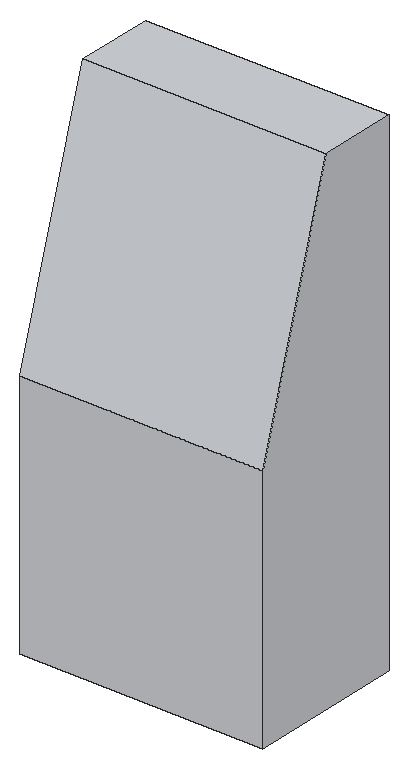
Revit family "01306-AB", category Instalační zařizovací předměty, Revit 2016
Family settings
  Typ součásti = Normální
  Kóta kulaté spojky = Použít průměr
  Číslo OmniClass = 23.45.05.00
  Nadpis OmniClass = Sanitary Equipment
  Založené na pracovní rovině = Ne
  Vždy vertikální = Ano
  Ořezat dutým tvarem při načtení = Ne
  Sdílené = Ne
  Bod výpočtu místnosti = Ne
Parameters
  WIDTH = 300 mm
  WEIGHT = 9.55 kg
  Výrobce = "Nofer"
  Utility frequency = 0
  Surface finish = "Atlantic blue"
  Připojení ventilace = no
  Připojení odpadu = no
  Připojení HW = no
  Připojení CW = no
  Power supply = 0 V
  Power input = 1760 W
  Noise level = 75
  MATERIAL = none
  IP code = "IPX1"
  HEIGHT = 617 mm
  Electric class = "II"
  DEPTH = 195 mm
  Article number = "01306.AB"
  Air speed = 340.00 kg/m²
Reference planes
  plane 1 "Střed (vpředu/vzadu)": y = 0
  plane 2: z = 0
  plane 3 "Střed (vlevo/vpravo)": x = 0
  plane 4: z = 0
  plane 5: z = 617
  plane 6: y = -195
  plane 7: x = 150
  plane 8: x = -150
  plane 9: z = 308.5
  plane 10: y = -97.5
Forms (mm)
  Extrusion 1, solid, material <- "MATERIAL", detail levels medium+fine
    sketch origin (0, 0, 0) x (0, 1, 0) y (0, 0, 1)
      loop
        line (0, 617) -> (-97.5, 617) -> (-195, 308.5) -> (-195, 0) -> (0, 0) -> (0, 617)
    from -150 to 150
  Extrusion 2, solid, material <- "MATERIAL", detail levels coarse
    sketch origin (0, 0, 0) x (0, 1, 0) y (0, 0, 1)
      loop
        line (0, 617) -> (-195, 617) -> (-195, 0) -> (0, 0) -> (0, 617)
    from -150 to 150
Dimensions and locks
  equal spacing: plane 8, plane 3 "Střed (vlevo/vpravo)", plane 7
  "WIDTH": plane 8 to plane 7
  "DEPTH": plane 6 to plane 1 "Střed (vpředu/vzadu)"
  equal spacing: plane 5, plane 9, plane 4
  equal spacing: plane 1 "Střed (vpředu/vzadu)", plane 10, plane 6
  "DEPTH": plane 1 "Střed (vpředu/vzadu)" to plane 6
  "HEIGHT": plane 5 to level
  aligned and locked: level to plane 2
  aligned and locked: plane 5 to Extrusion 1 sketch curve
  aligned and locked: Extrusion 1 sketch curve to plane 1 "Střed (vpředu/vzadu)"
  aligned and locked: Extrusion 1 sketch curve to plane 4
  aligned and locked: Extrusion 1 sketch curve to plane 6
  aligned and locked: plane 10 to Extrusion 1 sketch curve
  aligned and locked: plane 9 to Extrusion 1 sketch curve
  aligned and locked: Extrusion 1 to plane 8
  aligned and locked: plane 7 to Extrusion 1
  aligned and locked: Extrusion 2 to plane 8
  aligned and locked: plane 7 to Extrusion 2
  aligned and locked: Extrusion 2 to level
Automatic sketch dimensions
  Extrusion 2 sketch curve to plane 5 = 0 mm
  Extrusion 2 sketch curve to plane 6 = 0 mm
  Extrusion 2 sketch curve to plane 1 "Střed (vpředu/vzadu)" = 0 mm
  level to Extrusion 2 sketch curve = 0 mm
